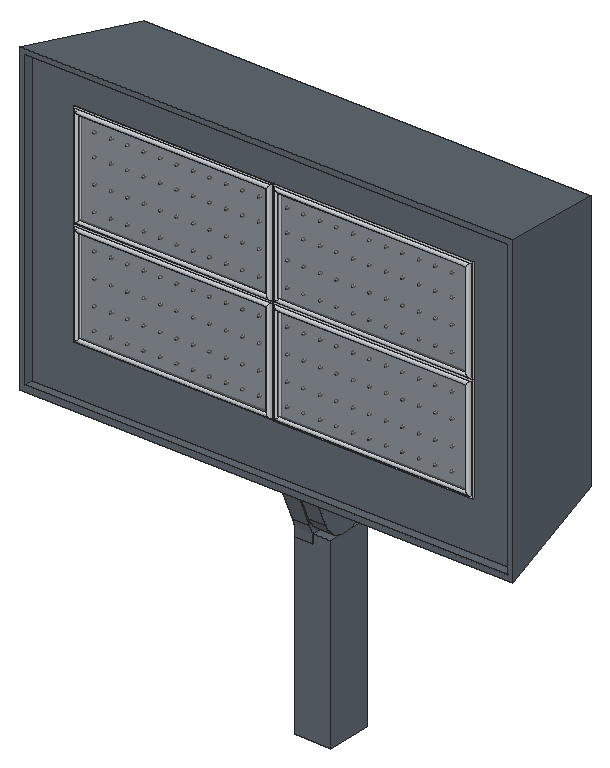
Revit family "RFL4", category Lighting Fixtures, host Face, Revit 2014 (continued)
Definition of nested family "RFL"
  Automatic sketch dimensions
    Revolve 41 sketch curve to Revolve 41 sketch curve = 0.35913"
    Revolve 41 sketch curve to Revolve 41 sketch curve = 0.26429"
    Revolve 42 sketch curve to plane 3 "Center (Left/Right)" = 1.31499"
    Revolve 42 sketch curve to Revolve 42 sketch curve = 0.03589"
    plane 1 "Center (Front/Back)" to Revolve 42 sketch curve = 1.56366"
    Revolve 42 sketch curve to Revolve 42 sketch curve = 0.04501"
    Revolve 42 sketch curve to Revolve 42 sketch curve = 0.000"
    Revolve 42 sketch curve to Revolve 42 sketch curve = 0.35913"
    Revolve 42 sketch curve to Revolve 42 sketch curve = 0.26429"
    Revolve 43 sketch curve to plane 3 "Center (Left/Right)" = 1.31499"
    Revolve 43 sketch curve to Revolve 43 sketch curve = 0.03589"
    plane 1 "Center (Front/Back)" to Revolve 43 sketch curve = 1.56366"
    Revolve 43 sketch curve to Revolve 43 sketch curve = 0.04501"
    Revolve 43 sketch curve to Revolve 43 sketch curve = 0.000"
    Revolve 43 sketch curve to Revolve 43 sketch curve = 0.35913"
    Revolve 43 sketch curve to Revolve 43 sketch curve = 0.26429"
    Revolve 44 sketch curve to plane 3 "Center (Left/Right)" = 1.31499"
    Revolve 44 sketch curve to Revolve 44 sketch curve = 0.03589"
    plane 1 "Center (Front/Back)" to Revolve 44 sketch curve = 1.56366"
    Revolve 44 sketch curve to Revolve 44 sketch curve = 0.04501"
    Revolve 44 sketch curve to Revolve 44 sketch curve = 0.000"
    Revolve 44 sketch curve to Revolve 44 sketch curve = 0.35913"
    Revolve 44 sketch curve to Revolve 44 sketch curve = 0.26429"
    Revolve 45 sketch curve to plane 3 "Center (Left/Right)" = 1.31499"
    Revolve 45 sketch curve to Revolve 45 sketch curve = 0.03589"
    plane 1 "Center (Front/Back)" to Revolve 45 sketch curve = 1.56366"
    Revolve 45 sketch curve to Revolve 45 sketch curve = 0.04501"
    Revolve 45 sketch curve to Revolve 45 sketch curve = 0.000"
    Revolve 45 sketch curve to Revolve 45 sketch curve = 0.35913"
    Revolve 45 sketch curve to Revolve 45 sketch curve = 0.26429"
    Revolve 46 sketch curve to plane 3 "Center (Left/Right)" = 0.85478"
    Revolve 46 sketch curve to Revolve 46 sketch curve = 0.03589"
    plane 1 "Center (Front/Back)" to Revolve 46 sketch curve = 1.56366"
    Revolve 46 sketch curve to Revolve 46 sketch curve = 0.04501"
    Revolve 46 sketch curve to Revolve 46 sketch curve = 0.000"
    Revolve 46 sketch curve to Revolve 46 sketch curve = 0.35913"
    Revolve 46 sketch curve to Revolve 46 sketch curve = 0.26429"
    Revolve 47 sketch curve to plane 3 "Center (Left/Right)" = 0.85478"
    Revolve 47 sketch curve to Revolve 47 sketch curve = 0.03589"
    plane 1 "Center (Front/Back)" to Revolve 47 sketch curve = 1.56366"
    Revolve 47 sketch curve to Revolve 47 sketch curve = 0.04501"
    Revolve 47 sketch curve to Revolve 47 sketch curve = 0.000"
    Revolve 47 sketch curve to Revolve 47 sketch curve = 0.35913"
    Revolve 47 sketch curve to Revolve 47 sketch curve = 0.26429"
    Revolve 48 sketch curve to plane 3 "Center (Left/Right)" = 0.85478"
    Revolve 48 sketch curve to Revolve 48 sketch curve = 0.03589"
    plane 1 "Center (Front/Back)" to Revolve 48 sketch curve = 1.56366"
    Revolve 48 sketch curve to Revolve 48 sketch curve = 0.04501"
    Revolve 48 sketch curve to Revolve 48 sketch curve = 0.000"
    Revolve 48 sketch curve to Revolve 48 sketch curve = 0.35913"
    Revolve 48 sketch curve to Revolve 48 sketch curve = 0.26429"
    Revolve 49 sketch curve to plane 3 "Center (Left/Right)" = 0.85478"
    Revolve 49 sketch curve to Revolve 49 sketch curve = 0.03589"
    plane 1 "Center (Front/Back)" to Revolve 49 sketch curve = 1.56366"
    Revolve 49 sketch curve to Revolve 49 sketch curve = 0.04501"
    Revolve 49 sketch curve to Revolve 49 sketch curve = 0.000"
    Revolve 49 sketch curve to Revolve 49 sketch curve = 0.35913"
    Revolve 49 sketch curve to Revolve 49 sketch curve = 0.26429"
    plane 4 to Extrusion 50 sketch curve = 1.48867"
    Extrusion 50 sketch curve to plane 3 "Center (Left/Right)" = 0.16904"
    plane 8 to Extrusion 50 sketch curve = 3.91889"
    plane 8 to Extrusion 50 sketch curve = 1.27963"
    Sweep 51 sketch curve to plane 4 = 1.32856"
    plane 3 "Center (Left/Right)" to Sweep 51 sketch curve = 0.00894"
    Sweep 51 sketch curve to plane 8 = 1.11953"
    Sweep 51 sketch curve to Sweep 51 sketch curve = 2.95947"
    Sweep 51 sketch curve to profile plane = 0.000"  (x2)
    Sweep 51 sketch curve to Sweep 51 sketch curve = 0.04662"
    Sweep 51 sketch curve to Sweep 51 sketch curve = 0.05647"
    Sweep 51 sketch curve to Sweep 51 sketch curve = 0.05701"
    profile plane to Sweep 51 sketch curve = 0.03881"
    Revolve 52 sketch curve to plane 4 = 1.90329"
    Revolve 52 sketch curve to Revolve 52 sketch curve = 0.03589"
    plane 1 "Center (Front/Back)" to Revolve 52 sketch curve = 1.48276"
    Revolve 52 sketch curve to Revolve 52 sketch curve = 0.04501"
    Revolve 52 sketch curve to Revolve 52 sketch curve = 0.000"
    Revolve 52 sketch curve to Revolve 52 sketch curve = 0.26429"
    Revolve 52 sketch curve to Revolve 52 sketch curve = 0.35913"
    Revolve 53 sketch curve to plane 4 = 1.90329"
    Revolve 53 sketch curve to Revolve 53 sketch curve = 0.03589"
    plane 1 "Center (Front/Back)" to Revolve 53 sketch curve = 1.48276"
    Revolve 53 sketch curve to Revolve 53 sketch curve = 0.04501"
    Revolve 53 sketch curve to Revolve 53 sketch curve = 0.000"
    Revolve 53 sketch curve to Revolve 53 sketch curve = 0.26429"
    Revolve 53 sketch curve to Revolve 53 sketch curve = 0.35913"
    Revolve 54 sketch curve to plane 4 = 1.90329"
    Revolve 54 sketch curve to Revolve 54 sketch curve = 0.03589"
    plane 1 "Center (Front/Back)" to Revolve 54 sketch curve = 1.48276"
    Revolve 54 sketch curve to Revolve 54 sketch curve = 0.04501"
    Revolve 54 sketch curve to Revolve 54 sketch curve = 0.000"
    Revolve 54 sketch curve to Revolve 54 sketch curve = 0.26429"
    Revolve 54 sketch curve to Revolve 54 sketch curve = 0.35913"
    Revolve 55 sketch curve to plane 4 = 1.90329"
    Revolve 55 sketch curve to Revolve 55 sketch curve = 0.03589"
    plane 1 "Center (Front/Back)" to Revolve 55 sketch curve = 1.48276"
    Revolve 55 sketch curve to Revolve 55 sketch curve = 0.04501"
    Revolve 55 sketch curve to Revolve 55 sketch curve = 0.000"
    Revolve 55 sketch curve to Revolve 55 sketch curve = 0.26429"
    Revolve 55 sketch curve to Revolve 55 sketch curve = 0.35913"
    plane 3 "Center (Left/Right)" to Revolve 56 sketch curve = 0.39456"
    Revolve 56 sketch curve to Revolve 56 sketch curve = 0.03589"
    plane 1 "Center (Front/Back)" to Revolve 56 sketch curve = 1.48276"
    Revolve 56 sketch curve to Revolve 56 sketch curve = 0.04501"
    Revolve 56 sketch curve to Revolve 56 sketch curve = 0.000"
    Revolve 56 sketch curve to Revolve 56 sketch curve = 0.26429"
    Revolve 56 sketch curve to Revolve 56 sketch curve = 0.35913"
    plane 3 "Center (Left/Right)" to Revolve 57 sketch curve = 0.39456"
    Revolve 57 sketch curve to Revolve 57 sketch curve = 0.03589"
    plane 1 "Center (Front/Back)" to Revolve 57 sketch curve = 1.48276"
    Revolve 57 sketch curve to Revolve 57 sketch curve = 0.04501"
    Revolve 57 sketch curve to Revolve 57 sketch curve = 0.000"
    Revolve 57 sketch curve to Revolve 57 sketch curve = 0.26429"
    Revolve 57 sketch curve to Revolve 57 sketch curve = 0.35913"
    plane 3 "Center (Left/Right)" to Revolve 58 sketch curve = 0.39456"
    Revolve 58 sketch curve to Revolve 58 sketch curve = 0.03589"
    plane 1 "Center (Front/Back)" to Revolve 58 sketch curve = 1.48276"
    Revolve 58 sketch curve to Revolve 58 sketch curve = 0.04501"
    Revolve 58 sketch curve to Revolve 58 sketch curve = 0.000"
    Revolve 58 sketch curve to Revolve 58 sketch curve = 0.26429"
    Revolve 58 sketch curve to Revolve 58 sketch curve = 0.35913"
    plane 3 "Center (Left/Right)" to Revolve 59 sketch curve = 0.39456"
    Revolve 59 sketch curve to Revolve 59 sketch curve = 0.03589"
    plane 1 "Center (Front/Back)" to Revolve 59 sketch curve = 1.48276"
    Revolve 59 sketch curve to Revolve 59 sketch curve = 0.04501"
    Revolve 59 sketch curve to Revolve 59 sketch curve = 0.000"
    Revolve 59 sketch curve to Revolve 59 sketch curve = 0.26429"
    Revolve 59 sketch curve to Revolve 59 sketch curve = 0.35913"
    Revolve 60 sketch curve to plane 4 = 2.3635"
    Revolve 60 sketch curve to Revolve 60 sketch curve = 0.03589"
    plane 1 "Center (Front/Back)" to Revolve 60 sketch curve = 1.48276"
    Revolve 60 sketch curve to Revolve 60 sketch curve = 0.04501"
    Revolve 60 sketch curve to Revolve 60 sketch curve = 0.000"
    Revolve 60 sketch curve to Revolve 60 sketch curve = 0.26429"
    Revolve 60 sketch curve to Revolve 60 sketch curve = 0.35913"
    Revolve 61 sketch curve to plane 4 = 2.3635"
    Revolve 61 sketch curve to Revolve 61 sketch curve = 0.03589"
    plane 1 "Center (Front/Back)" to Revolve 61 sketch curve = 1.48276"
    Revolve 61 sketch curve to Revolve 61 sketch curve = 0.04501"
    Revolve 61 sketch curve to Revolve 61 sketch curve = 0.000"
    Revolve 61 sketch curve to Revolve 61 sketch curve = 0.26429"
    Revolve 61 sketch curve to Revolve 61 sketch curve = 0.35913"
    Revolve 62 sketch curve to plane 4 = 2.3635"
    Revolve 62 sketch curve to Revolve 62 sketch curve = 0.03589"
    plane 1 "Center (Front/Back)" to Revolve 62 sketch curve = 1.48276"
    Revolve 62 sketch curve to Revolve 62 sketch curve = 0.04501"
    Revolve 62 sketch curve to Revolve 62 sketch curve = 0.000"
    Revolve 62 sketch curve to Revolve 62 sketch curve = 0.26429"
    Revolve 62 sketch curve to Revolve 62 sketch curve = 0.35913"
    Revolve 63 sketch curve to plane 4 = 2.3635"
    Revolve 63 sketch curve to Revolve 63 sketch curve = 0.03589"
    plane 1 "Center (Front/Back)" to Revolve 63 sketch curve = 1.48276"
    Revolve 63 sketch curve to Revolve 63 sketch curve = 0.04501"
    Revolve 63 sketch curve to Revolve 63 sketch curve = 0.000"
    Revolve 63 sketch curve to Revolve 63 sketch curve = 0.26429"
    Revolve 63 sketch curve to Revolve 63 sketch curve = 0.35913"
    Revolve 64 sketch curve to plane 4 = 2.82372"
    Revolve 64 sketch curve to Revolve 64 sketch curve = 0.03589"
    plane 1 "Center (Front/Back)" to Revolve 64 sketch curve = 1.48276"
    Revolve 64 sketch curve to Revolve 64 sketch curve = 0.04501"
    Revolve 64 sketch curve to Revolve 64 sketch curve = 0.000"
    Revolve 64 sketch curve to Revolve 64 sketch curve = 0.26429"
    Revolve 64 sketch curve to Revolve 64 sketch curve = 0.35913"
    Revolve 65 sketch curve to plane 4 = 2.82372"
    Revolve 65 sketch curve to Revolve 65 sketch curve = 0.03589"
    plane 1 "Center (Front/Back)" to Revolve 65 sketch curve = 1.48276"
    Revolve 65 sketch curve to Revolve 65 sketch curve = 0.04501"
    Revolve 65 sketch curve to Revolve 65 sketch curve = 0.000"
    Revolve 65 sketch curve to Revolve 65 sketch curve = 0.26429"
    Revolve 65 sketch curve to Revolve 65 sketch curve = 0.35913"
    Revolve 66 sketch curve to plane 4 = 2.82372"
    Revolve 66 sketch curve to Revolve 66 sketch curve = 0.03589"
    plane 1 "Center (Front/Back)" to Revolve 66 sketch curve = 1.48276"
    Revolve 66 sketch curve to Revolve 66 sketch curve = 0.04501"
    Revolve 66 sketch curve to Revolve 66 sketch curve = 0.000"
    Revolve 66 sketch curve to Revolve 66 sketch curve = 0.26429"
    Revolve 66 sketch curve to Revolve 66 sketch curve = 0.35913"
    Revolve 67 sketch curve to plane 4 = 2.82372"
    Revolve 67 sketch curve to Revolve 67 sketch curve = 0.03589"
    plane 1 "Center (Front/Back)" to Revolve 67 sketch curve = 1.48276"
    Revolve 67 sketch curve to Revolve 67 sketch curve = 0.04501"
    Revolve 67 sketch curve to Revolve 67 sketch curve = 0.000"
    Revolve 67 sketch curve to Revolve 67 sketch curve = 0.26429"
    Revolve 67 sketch curve to Revolve 67 sketch curve = 0.35913"
    plane 1 "Center (Front/Back)" to Revolve 68 sketch curve = 1.48276"
    Revolve 68 sketch curve to plane 4 = 3.28393"
    Revolve 68 sketch curve to Revolve 68 sketch curve = 0.03589"
    Revolve 68 sketch curve to Revolve 68 sketch curve = 0.04501"
    Revolve 68 sketch curve to Revolve 68 sketch curve = 0.000"
    Revolve 68 sketch curve to Revolve 68 sketch curve = 0.26429"
    Revolve 68 sketch curve to Revolve 68 sketch curve = 0.35913"
    plane 1 "Center (Front/Back)" to Revolve 69 sketch curve = 1.48276"
    Revolve 69 sketch curve to plane 4 = 3.28393"
    Revolve 69 sketch curve to Revolve 69 sketch curve = 0.03589"
    Revolve 69 sketch curve to Revolve 69 sketch curve = 0.04501"
    Revolve 69 sketch curve to Revolve 69 sketch curve = 0.000"
    Revolve 69 sketch curve to Revolve 69 sketch curve = 0.26429"
    Revolve 69 sketch curve to Revolve 69 sketch curve = 0.35913"
    plane 1 "Center (Front/Back)" to Revolve 70 sketch curve = 1.48276"
    Revolve 70 sketch curve to plane 4 = 3.28393"
    Revolve 70 sketch curve to Revolve 70 sketch curve = 0.03589"
    Revolve 70 sketch curve to Revolve 70 sketch curve = 0.04501"
    Revolve 70 sketch curve to Revolve 70 sketch curve = 0.000"
    Revolve 70 sketch curve to Revolve 70 sketch curve = 0.26429"
    Revolve 70 sketch curve to Revolve 70 sketch curve = 0.35913"
    plane 1 "Center (Front/Back)" to Revolve 71 sketch curve = 1.48276"
    Revolve 71 sketch curve to plane 4 = 3.28393"
    Revolve 71 sketch curve to Revolve 71 sketch curve = 0.03589"
    Revolve 71 sketch curve to Revolve 71 sketch curve = 0.04501"
    Revolve 71 sketch curve to Revolve 71 sketch curve = 0.000"
    Revolve 71 sketch curve to Revolve 71 sketch curve = 0.26429"
    Revolve 71 sketch curve to Revolve 71 sketch curve = 0.35913"
    plane 1 "Center (Front/Back)" to Revolve 72 sketch curve = 1.48276"
    plane 3 "Center (Left/Right)" to Revolve 72 sketch curve = 3.15585"
    Revolve 72 sketch curve to Revolve 72 sketch curve = 0.03589"
    Revolve 72 sketch curve to Revolve 72 sketch curve = 0.04501"
    Revolve 72 sketch curve to Revolve 72 sketch curve = 0.000"
    Revolve 72 sketch curve to Revolve 72 sketch curve = 0.26429"
    Revolve 72 sketch curve to Revolve 72 sketch curve = 0.35913"
    plane 1 "Center (Front/Back)" to Revolve 73 sketch curve = 1.48276"
    plane 3 "Center (Left/Right)" to Revolve 73 sketch curve = 3.15585"
    Revolve 73 sketch curve to Revolve 73 sketch curve = 0.03589"
    Revolve 73 sketch curve to Revolve 73 sketch curve = 0.04501"
    Revolve 73 sketch curve to Revolve 73 sketch curve = 0.000"
    Revolve 73 sketch curve to Revolve 73 sketch curve = 0.26429"
    Revolve 73 sketch curve to Revolve 73 sketch curve = 0.35913"
    plane 1 "Center (Front/Back)" to Revolve 74 sketch curve = 1.48276"
    plane 3 "Center (Left/Right)" to Revolve 74 sketch curve = 3.15585"
    Revolve 74 sketch curve to Revolve 74 sketch curve = 0.03589"
    Revolve 74 sketch curve to Revolve 74 sketch curve = 0.04501"
    Revolve 74 sketch curve to Revolve 74 sketch curve = 0.000"
    Revolve 74 sketch curve to Revolve 74 sketch curve = 0.26429"
    Revolve 74 sketch curve to Revolve 74 sketch curve = 0.35913"
    plane 1 "Center (Front/Back)" to Revolve 75 sketch curve = 1.48276"
    plane 3 "Center (Left/Right)" to Revolve 75 sketch curve = 3.15585"
    Revolve 75 sketch curve to Revolve 75 sketch curve = 0.03589"
    Revolve 75 sketch curve to Revolve 75 sketch curve = 0.04501"
    Revolve 75 sketch curve to Revolve 75 sketch curve = 0.000"
    Revolve 75 sketch curve to Revolve 75 sketch curve = 0.26429"
    Revolve 75 sketch curve to Revolve 75 sketch curve = 0.35913"
    plane 3 "Center (Left/Right)" to Revolve 76 sketch curve = 2.69564"
    Revolve 76 sketch curve to Revolve 76 sketch curve = 0.03589"
    plane 1 "Center (Front/Back)" to Revolve 76 sketch curve = 1.48276"
    Revolve 76 sketch curve to Revolve 76 sketch curve = 0.04501"
    Revolve 76 sketch curve to Revolve 76 sketch curve = 0.000"
    Revolve 76 sketch curve to Revolve 76 sketch curve = 0.26429"
    Revolve 76 sketch curve to Revolve 76 sketch curve = 0.35913"
    plane 3 "Center (Left/Right)" to Revolve 77 sketch curve = 2.69564"
    Revolve 77 sketch curve to Revolve 77 sketch curve = 0.03589"
    plane 1 "Center (Front/Back)" to Revolve 77 sketch curve = 1.48276"
    Revolve 77 sketch curve to Revolve 77 sketch curve = 0.04501"
    Revolve 77 sketch curve to Revolve 77 sketch curve = 0.000"
    Revolve 77 sketch curve to Revolve 77 sketch curve = 0.26429"
    Revolve 77 sketch curve to Revolve 77 sketch curve = 0.35913"
    plane 3 "Center (Left/Right)" to Revolve 78 sketch curve = 2.69564"
    Revolve 78 sketch curve to Revolve 78 sketch curve = 0.03589"
    plane 1 "Center (Front/Back)" to Revolve 78 sketch curve = 1.48276"
    Revolve 78 sketch curve to Revolve 78 sketch curve = 0.04501"
    Revolve 78 sketch curve to Revolve 78 sketch curve = 0.000"
    Revolve 78 sketch curve to Revolve 78 sketch curve = 0.26429"
    Revolve 78 sketch curve to Revolve 78 sketch curve = 0.35913"
    plane 3 "Center (Left/Right)" to Revolve 79 sketch curve = 2.69564"
    Revolve 79 sketch curve to Revolve 79 sketch curve = 0.03589"
    plane 1 "Center (Front/Back)" to Revolve 79 sketch curve = 1.48276"
    Revolve 79 sketch curve to Revolve 79 sketch curve = 0.04501"
    Revolve 79 sketch curve to Revolve 79 sketch curve = 0.000"
    Revolve 79 sketch curve to Revolve 79 sketch curve = 0.26429"
    Revolve 79 sketch curve to Revolve 79 sketch curve = 0.35913"
    plane 3 "Center (Left/Right)" to Revolve 80 sketch curve = 2.23542"
    Revolve 80 sketch curve to Revolve 80 sketch curve = 0.03589"
    plane 1 "Center (Front/Back)" to Revolve 80 sketch curve = 1.48276"
    Revolve 80 sketch curve to Revolve 80 sketch curve = 0.04501"
    Revolve 80 sketch curve to Revolve 80 sketch curve = 0.000"
    Revolve 80 sketch curve to Revolve 80 sketch curve = 0.26429"
    Revolve 80 sketch curve to Revolve 80 sketch curve = 0.35913"
    plane 3 "Center (Left/Right)" to Revolve 81 sketch curve = 2.23542"
    Revolve 81 sketch curve to Revolve 81 sketch curve = 0.03589"
    plane 1 "Center (Front/Back)" to Revolve 81 sketch curve = 1.48276"
    Revolve 81 sketch curve to Revolve 81 sketch curve = 0.04501"
    Revolve 81 sketch curve to Revolve 81 sketch curve = 0.000"
    Revolve 81 sketch curve to Revolve 81 sketch curve = 0.26429"
    Revolve 81 sketch curve to Revolve 81 sketch curve = 0.35913"
    plane 3 "Center (Left/Right)" to Revolve 82 sketch curve = 2.23542"
    Revolve 82 sketch curve to Revolve 82 sketch curve = 0.03589"
    plane 1 "Center (Front/Back)" to Revolve 82 sketch curve = 1.48276"
    Revolve 82 sketch curve to Revolve 82 sketch curve = 0.04501"
    Revolve 82 sketch curve to Revolve 82 sketch curve = 0.000"
    Revolve 82 sketch curve to Revolve 82 sketch curve = 0.26429"
    Revolve 82 sketch curve to Revolve 82 sketch curve = 0.35913"
    plane 3 "Center (Left/Right)" to Revolve 83 sketch curve = 2.23542"
    Revolve 83 sketch curve to Revolve 83 sketch curve = 0.03589"
    plane 1 "Center (Front/Back)" to Revolve 83 sketch curve = 1.48276"
    Revolve 83 sketch curve to Revolve 83 sketch curve = 0.04501"
    Revolve 83 sketch curve to Revolve 83 sketch curve = 0.000"
    Revolve 83 sketch curve to Revolve 83 sketch curve = 0.26429"
    Revolve 83 sketch curve to Revolve 83 sketch curve = 0.35913"
    plane 3 "Center (Left/Right)" to Revolve 84 sketch curve = 1.77521"
    Revolve 84 sketch curve to Revolve 84 sketch curve = 0.03589"
    plane 1 "Center (Front/Back)" to Revolve 84 sketch curve = 1.48276"
    Revolve 84 sketch curve to Revolve 84 sketch curve = 0.04501"
    Revolve 84 sketch curve to Revolve 84 sketch curve = 0.000"
    Revolve 84 sketch curve to Revolve 84 sketch curve = 0.26429"
    Revolve 84 sketch curve to Revolve 84 sketch curve = 0.35913"
    plane 3 "Center (Left/Right)" to Revolve 85 sketch curve = 1.77521"
    Revolve 85 sketch curve to Revolve 85 sketch curve = 0.03589"
    plane 1 "Center (Front/Back)" to Revolve 85 sketch curve = 1.48276"
    Revolve 85 sketch curve to Revolve 85 sketch curve = 0.04501"
    Revolve 85 sketch curve to Revolve 85 sketch curve = 0.000"
    Revolve 85 sketch curve to Revolve 85 sketch curve = 0.26429"
    Revolve 85 sketch curve to Revolve 85 sketch curve = 0.35913"
    plane 3 "Center (Left/Right)" to Revolve 86 sketch curve = 1.77521"
    Revolve 86 sketch curve to Revolve 86 sketch curve = 0.03589"
    plane 1 "Center (Front/Back)" to Revolve 86 sketch curve = 1.48276"
    Revolve 86 sketch curve to Revolve 86 sketch curve = 0.04501"
    Revolve 86 sketch curve to Revolve 86 sketch curve = 0.000"
    Revolve 86 sketch curve to Revolve 86 sketch curve = 0.26429"
    Revolve 86 sketch curve to Revolve 86 sketch curve = 0.35913"
    plane 3 "Center (Left/Right)" to Revolve 87 sketch curve = 1.77521"
    Revolve 87 sketch curve to Revolve 87 sketch curve = 0.03589"
    plane 1 "Center (Front/Back)" to Revolve 87 sketch curve = 1.48276"
    Revolve 87 sketch curve to Revolve 87 sketch curve = 0.04501"
    Revolve 87 sketch curve to Revolve 87 sketch curve = 0.000"
    Revolve 87 sketch curve to Revolve 87 sketch curve = 0.26429"
    Revolve 87 sketch curve to Revolve 87 sketch curve = 0.35913"
    plane 3 "Center (Left/Right)" to Revolve 88 sketch curve = 1.31499"
    Revolve 88 sketch curve to Revolve 88 sketch curve = 0.03589"
    plane 1 "Center (Front/Back)" to Revolve 88 sketch curve = 1.48276"
    Revolve 88 sketch curve to Revolve 88 sketch curve = 0.04501"
    Revolve 88 sketch curve to Revolve 88 sketch curve = 0.000"
    Revolve 88 sketch curve to Revolve 88 sketch curve = 0.26429"
    Revolve 88 sketch curve to Revolve 88 sketch curve = 0.35913"
    plane 3 "Center (Left/Right)" to Revolve 89 sketch curve = 1.31499"
    Revolve 89 sketch curve to Revolve 89 sketch curve = 0.03589"
    plane 1 "Center (Front/Back)" to Revolve 89 sketch curve = 1.48276"
    Revolve 89 sketch curve to Revolve 89 sketch curve = 0.04501"
    Revolve 89 sketch curve to Revolve 89 sketch curve = 0.000"
    Revolve 89 sketch curve to Revolve 89 sketch curve = 0.26429"
    Revolve 89 sketch curve to Revolve 89 sketch curve = 0.35913"
    plane 3 "Center (Left/Right)" to Revolve 90 sketch curve = 1.31499"
    Revolve 90 sketch curve to Revolve 90 sketch curve = 0.03589"
    plane 1 "Center (Front/Back)" to Revolve 90 sketch curve = 1.48276"
    Revolve 90 sketch curve to Revolve 90 sketch curve = 0.04501"
    Revolve 90 sketch curve to Revolve 90 sketch curve = 0.000"
    Revolve 90 sketch curve to Revolve 90 sketch curve = 0.26429"
    Revolve 90 sketch curve to Revolve 90 sketch curve = 0.35913"
    plane 3 "Center (Left/Right)" to Revolve 91 sketch curve = 1.31499"
    Revolve 91 sketch curve to Revolve 91 sketch curve = 0.03589"
    plane 1 "Center (Front/Back)" to Revolve 91 sketch curve = 1.48276"
    Revolve 91 sketch curve to Revolve 91 sketch curve = 0.04501"
    Revolve 91 sketch curve to Revolve 91 sketch curve = 0.000"
    Revolve 91 sketch curve to Revolve 91 sketch curve = 0.26429"
    Revolve 91 sketch curve to Revolve 91 sketch curve = 0.35913"
    plane 3 "Center (Left/Right)" to Revolve 92 sketch curve = 0.85478"
    Revolve 92 sketch curve to Revolve 92 sketch curve = 0.03589"
    plane 1 "Center (Front/Back)" to Revolve 92 sketch curve = 1.48276"
    Revolve 92 sketch curve to Revolve 92 sketch curve = 0.04501"
    Revolve 92 sketch curve to Revolve 92 sketch curve = 0.000"
    Revolve 92 sketch curve to Revolve 92 sketch curve = 0.26429"
    Revolve 92 sketch curve to Revolve 92 sketch curve = 0.35913"
    plane 3 "Center (Left/Right)" to Revolve 93 sketch curve = 0.85478"
    Revolve 93 sketch curve to Revolve 93 sketch curve = 0.03589"
    plane 1 "Center (Front/Back)" to Revolve 93 sketch curve = 1.48276"
    Revolve 93 sketch curve to Revolve 93 sketch curve = 0.04501"
    Revolve 93 sketch curve to Revolve 93 sketch curve = 0.000"
    Revolve 93 sketch curve to Revolve 93 sketch curve = 0.26429"
    Revolve 93 sketch curve to Revolve 93 sketch curve = 0.35913"
    plane 3 "Center (Left/Right)" to Revolve 94 sketch curve = 0.85478"
    Revolve 94 sketch curve to Revolve 94 sketch curve = 0.03589"
    plane 1 "Center (Front/Back)" to Revolve 94 sketch curve = 1.48276"
    Revolve 94 sketch curve to Revolve 94 sketch curve = 0.04501"
    Revolve 94 sketch curve to Revolve 94 sketch curve = 0.000"
    Revolve 94 sketch curve to Revolve 94 sketch curve = 0.26429"
    Revolve 94 sketch curve to Revolve 94 sketch curve = 0.35913"
    plane 3 "Center (Left/Right)" to Revolve 95 sketch curve = 0.85478"
    Revolve 95 sketch curve to Revolve 95 sketch curve = 0.03589"
    plane 1 "Center (Front/Back)" to Revolve 95 sketch curve = 1.48276"
    Revolve 95 sketch curve to Revolve 95 sketch curve = 0.04501"
    Revolve 95 sketch curve to Revolve 95 sketch curve = 0.000"
    Revolve 95 sketch curve to Revolve 95 sketch curve = 0.26429"
    Revolve 95 sketch curve to Revolve 95 sketch curve = 0.35913"
    Extrusion 96 sketch curve to plane 5 = 1.48867"
    plane 3 "Center (Left/Right)" to Extrusion 96 sketch curve = 0.16904"
    plane 8 to Extrusion 96 sketch curve = 4.2391"
    Extrusion 96 sketch curve to level = 1.72165"
    plane 5 to Sweep 97 sketch curve = 1.32856"
    Sweep 97 sketch curve to plane 3 "Center (Left/Right)" = 0.00894"
    level to Sweep 97 sketch curve = 1.56154"
    Sweep 97 sketch curve to Sweep 97 sketch curve = 2.95947"
    profile plane to Sweep 97 sketch curve = 0.000"
    Sweep 97 sketch curve to profile plane = 0.000"
    Sweep 97 sketch curve to Sweep 97 sketch curve = 0.04662"
    Sweep 97 sketch curve to Sweep 97 sketch curve = 0.05647"
    Sweep 97 sketch curve to Sweep 97 sketch curve = 0.05701"
    profile plane to Sweep 97 sketch curve = 0.03881"
    plane 1 "Center (Front/Back)" to Revolve 98 sketch curve = 1.48276"
    Revolve 98 sketch curve to Revolve 98 sketch curve = 0.04501"
    Revolve 98 sketch curve to Revolve 98 sketch curve = 0.03589"
    plane 5 to Revolve 98 sketch curve = 1.90329"
    Revolve 98 sketch curve to Revolve 98 sketch curve = 0.26429"
    Revolve 98 sketch curve to Revolve 98 sketch curve = 0.35913"
    Revolve 98 sketch curve to Revolve 98 sketch curve = 0.000"
    plane 1 "Center (Front/Back)" to Revolve 99 sketch curve = 1.48276"
    Revolve 99 sketch curve to Revolve 99 sketch curve = 0.04501"
    Revolve 99 sketch curve to Revolve 99 sketch curve = 0.03589"
    plane 5 to Revolve 99 sketch curve = 1.90329"
    Revolve 99 sketch curve to Revolve 99 sketch curve = 0.26429"
    Revolve 99 sketch curve to Revolve 99 sketch curve = 0.35913"
    Revolve 99 sketch curve to Revolve 99 sketch curve = 0.000"
    plane 1 "Center (Front/Back)" to Revolve 100 sketch curve = 1.48276"
    Revolve 100 sketch curve to Revolve 100 sketch curve = 0.04501"
    Revolve 100 sketch curve to Revolve 100 sketch curve = 0.03589"
    plane 5 to Revolve 100 sketch curve = 1.90329"
    Revolve 100 sketch curve to Revolve 100 sketch curve = 0.26429"
    Revolve 100 sketch curve to Revolve 100 sketch curve = 0.35913"
    Revolve 100 sketch curve to Revolve 100 sketch curve = 0.000"
    plane 1 "Center (Front/Back)" to Revolve 101 sketch curve = 1.48276"
    Revolve 101 sketch curve to Revolve 101 sketch curve = 0.04501"
    Revolve 101 sketch curve to Revolve 101 sketch curve = 0.03589"
    plane 5 to Revolve 101 sketch curve = 1.90329"
    Revolve 101 sketch curve to Revolve 101 sketch curve = 0.26429"
    Revolve 101 sketch curve to Revolve 101 sketch curve = 0.35913"
    Revolve 101 sketch curve to Revolve 101 sketch curve = 0.000"
    Revolve 102 sketch curve to plane 3 "Center (Left/Right)" = 0.39456"
    plane 1 "Center (Front/Back)" to Revolve 102 sketch curve = 1.48276"
    Revolve 102 sketch curve to Revolve 102 sketch curve = 0.04501"
    Revolve 102 sketch curve to Revolve 102 sketch curve = 0.03589"
    Revolve 102 sketch curve to Revolve 102 sketch curve = 0.26429"
    Revolve 102 sketch curve to Revolve 102 sketch curve = 0.35913"
    Revolve 102 sketch curve to Revolve 102 sketch curve = 0.000"
    Revolve 103 sketch curve to plane 3 "Center (Left/Right)" = 0.39456"
    plane 1 "Center (Front/Back)" to Revolve 103 sketch curve = 1.48276"
    Revolve 103 sketch curve to Revolve 103 sketch curve = 0.04501"
    Revolve 103 sketch curve to Revolve 103 sketch curve = 0.03589"
    Revolve 103 sketch curve to Revolve 103 sketch curve = 0.26429"
    Revolve 103 sketch curve to Revolve 103 sketch curve = 0.35913"
    Revolve 103 sketch curve to Revolve 103 sketch curve = 0.000"
    Revolve 104 sketch curve to plane 3 "Center (Left/Right)" = 0.39456"
    plane 1 "Center (Front/Back)" to Revolve 104 sketch curve = 1.48276"
    Revolve 104 sketch curve to Revolve 104 sketch curve = 0.04501"
    Revolve 104 sketch curve to Revolve 104 sketch curve = 0.03589"
    Revolve 104 sketch curve to Revolve 104 sketch curve = 0.26429"
    Revolve 104 sketch curve to Revolve 104 sketch curve = 0.35913"
    Revolve 104 sketch curve to Revolve 104 sketch curve = 0.000"
    Revolve 105 sketch curve to plane 3 "Center (Left/Right)" = 0.39456"
    plane 1 "Center (Front/Back)" to Revolve 105 sketch curve = 1.48276"
    Revolve 105 sketch curve to Revolve 105 sketch curve = 0.04501"
    Revolve 105 sketch curve to Revolve 105 sketch curve = 0.03589"
    Revolve 105 sketch curve to Revolve 105 sketch curve = 0.26429"
    Revolve 105 sketch curve to Revolve 105 sketch curve = 0.35913"
    Revolve 105 sketch curve to Revolve 105 sketch curve = 0.000"
    plane 1 "Center (Front/Back)" to Revolve 106 sketch curve = 1.48276"
    Revolve 106 sketch curve to Revolve 106 sketch curve = 0.04501"
    Revolve 106 sketch curve to Revolve 106 sketch curve = 0.03589"
    plane 5 to Revolve 106 sketch curve = 2.3635"
    Revolve 106 sketch curve to Revolve 106 sketch curve = 0.26429"
    Revolve 106 sketch curve to Revolve 106 sketch curve = 0.35913"
    Revolve 106 sketch curve to Revolve 106 sketch curve = 0.000"
    plane 1 "Center (Front/Back)" to Revolve 107 sketch curve = 1.48276"
    Revolve 107 sketch curve to Revolve 107 sketch curve = 0.04501"
    Revolve 107 sketch curve to Revolve 107 sketch curve = 0.03589"
    plane 5 to Revolve 107 sketch curve = 2.3635"
    Revolve 107 sketch curve to Revolve 107 sketch curve = 0.26429"
    Revolve 107 sketch curve to Revolve 107 sketch curve = 0.35913"
    Revolve 107 sketch curve to Revolve 107 sketch curve = 0.000"
    plane 1 "Center (Front/Back)" to Revolve 108 sketch curve = 1.48276"
    Revolve 108 sketch curve to Revolve 108 sketch curve = 0.04501"
    Revolve 108 sketch curve to Revolve 108 sketch curve = 0.03589"
    plane 5 to Revolve 108 sketch curve = 2.3635"
    Revolve 108 sketch curve to Revolve 108 sketch curve = 0.26429"
    Revolve 108 sketch curve to Revolve 108 sketch curve = 0.35913"
    Revolve 108 sketch curve to Revolve 108 sketch curve = 0.000"
    plane 1 "Center (Front/Back)" to Revolve 109 sketch curve = 1.48276"
    Revolve 109 sketch curve to Revolve 109 sketch curve = 0.04501"
    Revolve 109 sketch curve to Revolve 109 sketch curve = 0.03589"
    plane 5 to Revolve 109 sketch curve = 2.3635"
    Revolve 109 sketch curve to Revolve 109 sketch curve = 0.26429"
    Revolve 109 sketch curve to Revolve 109 sketch curve = 0.35913"
    Revolve 109 sketch curve to Revolve 109 sketch curve = 0.000"
    plane 1 "Center (Front/Back)" to Revolve 110 sketch curve = 1.48276"
    Revolve 110 sketch curve to Revolve 110 sketch curve = 0.04501"
    Revolve 110 sketch curve to Revolve 110 sketch curve = 0.03589"
    plane 5 to Revolve 110 sketch curve = 2.82372"
    Revolve 110 sketch curve to Revolve 110 sketch curve = 0.26429"
    Revolve 110 sketch curve to Revolve 110 sketch curve = 0.35913"
    Revolve 110 sketch curve to Revolve 110 sketch curve = 0.000"
    plane 1 "Center (Front/Back)" to Revolve 111 sketch curve = 1.48276"
    Revolve 111 sketch curve to Revolve 111 sketch curve = 0.04501"
    Revolve 111 sketch curve to Revolve 111 sketch curve = 0.03589"
    plane 5 to Revolve 111 sketch curve = 2.82372"
    Revolve 111 sketch curve to Revolve 111 sketch curve = 0.26429"
    Revolve 111 sketch curve to Revolve 111 sketch curve = 0.35913"
    Revolve 111 sketch curve to Revolve 111 sketch curve = 0.000"
    plane 1 "Center (Front/Back)" to Revolve 112 sketch curve = 1.48276"
    Revolve 112 sketch curve to Revolve 112 sketch curve = 0.04501"
    Revolve 112 sketch curve to Revolve 112 sketch curve = 0.03589"
    plane 5 to Revolve 112 sketch curve = 2.82372"
    Revolve 112 sketch curve to Revolve 112 sketch curve = 0.26429"
    Revolve 112 sketch curve to Revolve 112 sketch curve = 0.35913"
    Revolve 112 sketch curve to Revolve 112 sketch curve = 0.000"
    plane 1 "Center (Front/Back)" to Revolve 113 sketch curve = 1.48276"
    Revolve 113 sketch curve to Revolve 113 sketch curve = 0.04501"
    Revolve 113 sketch curve to Revolve 113 sketch curve = 0.03589"
    plane 5 to Revolve 113 sketch curve = 2.82372"
    Revolve 113 sketch curve to Revolve 113 sketch curve = 0.26429"
    Revolve 113 sketch curve to Revolve 113 sketch curve = 0.35913"
    Revolve 113 sketch curve to Revolve 113 sketch curve = 0.000"
    plane 1 "Center (Front/Back)" to Revolve 114 sketch curve = 1.48276"
    Revolve 114 sketch curve to Revolve 114 sketch curve = 0.04501"
    Revolve 114 sketch curve to Revolve 114 sketch curve = 0.03589"
    plane 5 to Revolve 114 sketch curve = 3.28393"
    Revolve 114 sketch curve to Revolve 114 sketch curve = 0.26429"
    Revolve 114 sketch curve to Revolve 114 sketch curve = 0.35913"
    Revolve 114 sketch curve to Revolve 114 sketch curve = 0.000"
    plane 1 "Center (Front/Back)" to Revolve 115 sketch curve = 1.48276"
    Revolve 115 sketch curve to Revolve 115 sketch curve = 0.04501"
    Revolve 115 sketch curve to Revolve 115 sketch curve = 0.03589"
    plane 5 to Revolve 115 sketch curve = 3.28393"
    Revolve 115 sketch curve to Revolve 115 sketch curve = 0.26429"
    Revolve 115 sketch curve to Revolve 115 sketch curve = 0.35913"
    Revolve 115 sketch curve to Revolve 115 sketch curve = 0.000"
    plane 1 "Center (Front/Back)" to Revolve 116 sketch curve = 1.48276"
    Revolve 116 sketch curve to Revolve 116 sketch curve = 0.04501"
    Revolve 116 sketch curve to Revolve 116 sketch curve = 0.03589"
    plane 5 to Revolve 116 sketch curve = 3.28393"
    Revolve 116 sketch curve to Revolve 116 sketch curve = 0.26429"
    Revolve 116 sketch curve to Revolve 116 sketch curve = 0.35913"
    Revolve 116 sketch curve to Revolve 116 sketch curve = 0.000"
    plane 1 "Center (Front/Back)" to Revolve 117 sketch curve = 1.48276"
    Revolve 117 sketch curve to Revolve 117 sketch curve = 0.04501"
    Revolve 117 sketch curve to Revolve 117 sketch curve = 0.03589"
    plane 5 to Revolve 117 sketch curve = 3.28393"
    Revolve 117 sketch curve to Revolve 117 sketch curve = 0.26429"
    Revolve 117 sketch curve to Revolve 117 sketch curve = 0.35913"
    Revolve 117 sketch curve to Revolve 117 sketch curve = 0.000"
    plane 1 "Center (Front/Back)" to Revolve 118 sketch curve = 1.48276"
    Revolve 118 sketch curve to Revolve 118 sketch curve = 0.04501"
    Revolve 118 sketch curve to Revolve 118 sketch curve = 0.03589"
    Revolve 118 sketch curve to plane 3 "Center (Left/Right)" = 3.15585"
    Revolve 118 sketch curve to Revolve 118 sketch curve = 0.26429"
    Revolve 118 sketch curve to Revolve 118 sketch curve = 0.35913"
    Revolve 118 sketch curve to Revolve 118 sketch curve = 0.000"
    plane 1 "Center (Front/Back)" to Revolve 119 sketch curve = 1.48276"
    Revolve 119 sketch curve to Revolve 119 sketch curve = 0.04501"
    Revolve 119 sketch curve to Revolve 119 sketch curve = 0.03589"
    Revolve 119 sketch curve to plane 3 "Center (Left/Right)" = 3.15585"
    Revolve 119 sketch curve to Revolve 119 sketch curve = 0.26429"
    Revolve 119 sketch curve to Revolve 119 sketch curve = 0.35913"
    Revolve 119 sketch curve to Revolve 119 sketch curve = 0.000"
    plane 1 "Center (Front/Back)" to Revolve 120 sketch curve = 1.48276"
    Revolve 120 sketch curve to Revolve 120 sketch curve = 0.04501"
    Revolve 120 sketch curve to Revolve 120 sketch curve = 0.03589"
    Revolve 120 sketch curve to plane 3 "Center (Left/Right)" = 3.15585"
    Revolve 120 sketch curve to Revolve 120 sketch curve = 0.26429"
    Revolve 120 sketch curve to Revolve 120 sketch curve = 0.35913"
    Revolve 120 sketch curve to Revolve 120 sketch curve = 0.000"
    plane 1 "Center (Front/Back)" to Revolve 121 sketch curve = 1.48276"
    Revolve 121 sketch curve to Revolve 121 sketch curve = 0.04501"
    Revolve 121 sketch curve to Revolve 121 sketch curve = 0.03589"
    Revolve 121 sketch curve to plane 3 "Center (Left/Right)" = 3.15585"
    Revolve 121 sketch curve to Revolve 121 sketch curve = 0.26429"
    Revolve 121 sketch curve to Revolve 121 sketch curve = 0.35913"
    Revolve 121 sketch curve to Revolve 121 sketch curve = 0.000"
    plane 1 "Center (Front/Back)" to Revolve 122 sketch curve = 1.48276"
    Revolve 122 sketch curve to Revolve 122 sketch curve = 0.04501"
    Revolve 122 sketch curve to Revolve 122 sketch curve = 0.03589"
    Revolve 122 sketch curve to plane 3 "Center (Left/Right)" = 2.69564"
    Revolve 122 sketch curve to Revolve 122 sketch curve = 0.26429"
    Revolve 122 sketch curve to Revolve 122 sketch curve = 0.35913"
    Revolve 122 sketch curve to Revolve 122 sketch curve = 0.000"
    plane 1 "Center (Front/Back)" to Revolve 123 sketch curve = 1.48276"
    Revolve 123 sketch curve to Revolve 123 sketch curve = 0.04501"
    Revolve 123 sketch curve to Revolve 123 sketch curve = 0.03589"
    Revolve 123 sketch curve to plane 3 "Center (Left/Right)" = 2.69564"
    Revolve 123 sketch curve to Revolve 123 sketch curve = 0.26429"
    Revolve 123 sketch curve to Revolve 123 sketch curve = 0.35913"
    Revolve 123 sketch curve to Revolve 123 sketch curve = 0.000"
    plane 1 "Center (Front/Back)" to Revolve 124 sketch curve = 1.48276"
    Revolve 124 sketch curve to Revolve 124 sketch curve = 0.04501"
    Revolve 124 sketch curve to Revolve 124 sketch curve = 0.03589"
    Revolve 124 sketch curve to plane 3 "Center (Left/Right)" = 2.69564"
    Revolve 124 sketch curve to Revolve 124 sketch curve = 0.26429"
    Revolve 124 sketch curve to Revolve 124 sketch curve = 0.35913"
    Revolve 124 sketch curve to Revolve 124 sketch curve = 0.000"
    plane 1 "Center (Front/Back)" to Revolve 125 sketch curve = 1.48276"
    Revolve 125 sketch curve to Revolve 125 sketch curve = 0.04501"
    Revolve 125 sketch curve to Revolve 125 sketch curve = 0.03589"
    Revolve 125 sketch curve to plane 3 "Center (Left/Right)" = 2.69564"
    Revolve 125 sketch curve to Revolve 125 sketch curve = 0.26429"
    Revolve 125 sketch curve to Revolve 125 sketch curve = 0.35913"
    Revolve 125 sketch curve to Revolve 125 sketch curve = 0.000"
    plane 1 "Center (Front/Back)" to Revolve 126 sketch curve = 1.48276"
    Revolve 126 sketch curve to Revolve 126 sketch curve = 0.04501"
    Revolve 126 sketch curve to Revolve 126 sketch curve = 0.03589"
    Revolve 126 sketch curve to plane 3 "Center (Left/Right)" = 2.23542"
    Revolve 126 sketch curve to Revolve 126 sketch curve = 0.26429"
    Revolve 126 sketch curve to Revolve 126 sketch curve = 0.35913"
    Revolve 126 sketch curve to Revolve 126 sketch curve = 0.000"
    plane 1 "Center (Front/Back)" to Revolve 127 sketch curve = 1.48276"
    Revolve 127 sketch curve to Revolve 127 sketch curve = 0.04501"
    Revolve 127 sketch curve to Revolve 127 sketch curve = 0.03589"
    Revolve 127 sketch curve to plane 3 "Center (Left/Right)" = 2.23542"
    Revolve 127 sketch curve to Revolve 127 sketch curve = 0.26429"
    Revolve 127 sketch curve to Revolve 127 sketch curve = 0.35913"
    Revolve 127 sketch curve to Revolve 127 sketch curve = 0.000"
    plane 1 "Center (Front/Back)" to Revolve 128 sketch curve = 1.48276"
    Revolve 128 sketch curve to Revolve 128 sketch curve = 0.04501"
    Revolve 128 sketch curve to Revolve 128 sketch curve = 0.03589"
    Revolve 128 sketch curve to plane 3 "Center (Left/Right)" = 2.23542"
    Revolve 128 sketch curve to Revolve 128 sketch curve = 0.26429"
    Revolve 128 sketch curve to Revolve 128 sketch curve = 0.35913"
    Revolve 128 sketch curve to Revolve 128 sketch curve = 0.000"
    plane 1 "Center (Front/Back)" to Revolve 129 sketch curve = 1.48276"
    Revolve 129 sketch curve to Revolve 129 sketch curve = 0.04501"
    Revolve 129 sketch curve to Revolve 129 sketch curve = 0.03589"
    Revolve 129 sketch curve to plane 3 "Center (Left/Right)" = 2.23542"
    Revolve 129 sketch curve to Revolve 129 sketch curve = 0.26429"
    Revolve 129 sketch curve to Revolve 129 sketch curve = 0.35913"
    Revolve 129 sketch curve to Revolve 129 sketch curve = 0.000"
    plane 1 "Center (Front/Back)" to Revolve 130 sketch curve = 1.48276"
    Revolve 130 sketch curve to Revolve 130 sketch curve = 0.04501"
    Revolve 130 sketch curve to Revolve 130 sketch curve = 0.03589"
    Revolve 130 sketch curve to plane 3 "Center (Left/Right)" = 1.77521"
    Revolve 130 sketch curve to Revolve 130 sketch curve = 0.26429"
    Revolve 130 sketch curve to Revolve 130 sketch curve = 0.35913"
    Revolve 130 sketch curve to Revolve 130 sketch curve = 0.000"
    plane 1 "Center (Front/Back)" to Revolve 131 sketch curve = 1.48276"
    Revolve 131 sketch curve to Revolve 131 sketch curve = 0.04501"
    Revolve 131 sketch curve to Revolve 131 sketch curve = 0.03589"
    Revolve 131 sketch curve to plane 3 "Center (Left/Right)" = 1.77521"
    Revolve 131 sketch curve to Revolve 131 sketch curve = 0.26429"
    Revolve 131 sketch curve to Revolve 131 sketch curve = 0.35913"
    Revolve 131 sketch curve to Revolve 131 sketch curve = 0.000"
    plane 1 "Center (Front/Back)" to Revolve 132 sketch curve = 1.48276"
    Revolve 132 sketch curve to Revolve 132 sketch curve = 0.04501"
    Revolve 132 sketch curve to Revolve 132 sketch curve = 0.03589"
    Revolve 132 sketch curve to plane 3 "Center (Left/Right)" = 1.77521"
    Revolve 132 sketch curve to Revolve 132 sketch curve = 0.26429"
    Revolve 132 sketch curve to Revolve 132 sketch curve = 0.35913"
    Revolve 132 sketch curve to Revolve 132 sketch curve = 0.000"
    plane 1 "Center (Front/Back)" to Revolve 133 sketch curve = 1.48276"
    Revolve 133 sketch curve to Revolve 133 sketch curve = 0.04501"
    Revolve 133 sketch curve to Revolve 133 sketch curve = 0.03589"
    Revolve 133 sketch curve to plane 3 "Center (Left/Right)" = 1.77521"
    Revolve 133 sketch curve to Revolve 133 sketch curve = 0.26429"
    Revolve 133 sketch curve to Revolve 133 sketch curve = 0.35913"
    Revolve 133 sketch curve to Revolve 133 sketch curve = 0.000"
    plane 1 "Center (Front/Back)" to Revolve 134 sketch curve = 1.48276"
    Revolve 134 sketch curve to Revolve 134 sketch curve = 0.04501"
    Revolve 134 sketch curve to Revolve 134 sketch curve = 0.03589"
    Revolve 134 sketch curve to plane 3 "Center (Left/Right)" = 1.31499"
    Revolve 134 sketch curve to Revolve 134 sketch curve = 0.26429"
    Revolve 134 sketch curve to Revolve 134 sketch curve = 0.35913"
    Revolve 134 sketch curve to Revolve 134 sketch curve = 0.000"
    plane 1 "Center (Front/Back)" to Revolve 135 sketch curve = 1.48276"
    Revolve 135 sketch curve to Revolve 135 sketch curve = 0.04501"
    Revolve 135 sketch curve to Revolve 135 sketch curve = 0.03589"
    Revolve 135 sketch curve to plane 3 "Center (Left/Right)" = 1.31499"
    Revolve 135 sketch curve to Revolve 135 sketch curve = 0.26429"
    Revolve 135 sketch curve to Revolve 135 sketch curve = 0.35913"
    Revolve 135 sketch curve to Revolve 135 sketch curve = 0.000"
    plane 1 "Center (Front/Back)" to Revolve 136 sketch curve = 1.48276"
    Revolve 136 sketch curve to Revolve 136 sketch curve = 0.04501"
    Revolve 136 sketch curve to Revolve 136 sketch curve = 0.03589"
    Revolve 136 sketch curve to plane 3 "Center (Left/Right)" = 1.31499"
    Revolve 136 sketch curve to Revolve 136 sketch curve = 0.26429"
    Revolve 136 sketch curve to Revolve 136 sketch curve = 0.35913"
    Revolve 136 sketch curve to Revolve 136 sketch curve = 0.000"
    plane 1 "Center (Front/Back)" to Revolve 137 sketch curve = 1.48276"
    Revolve 137 sketch curve to Revolve 137 sketch curve = 0.04501"
    Revolve 137 sketch curve to Revolve 137 sketch curve = 0.03589"
    Revolve 137 sketch curve to plane 3 "Center (Left/Right)" = 1.31499"
    Revolve 137 sketch curve to Revolve 137 sketch curve = 0.26429"
    Revolve 137 sketch curve to Revolve 137 sketch curve = 0.35913"
    Revolve 137 sketch curve to Revolve 137 sketch curve = 0.000"
    plane 1 "Center (Front/Back)" to Revolve 138 sketch curve = 1.48276"
    Revolve 138 sketch curve to Revolve 138 sketch curve = 0.04501"
    Revolve 138 sketch curve to Revolve 138 sketch curve = 0.03589"
    Revolve 138 sketch curve to plane 3 "Center (Left/Right)" = 0.85478"
    Revolve 138 sketch curve to Revolve 138 sketch curve = 0.26429"
    Revolve 138 sketch curve to Revolve 138 sketch curve = 0.35913"
    Revolve 138 sketch curve to Revolve 138 sketch curve = 0.000"
    plane 1 "Center (Front/Back)" to Revolve 139 sketch curve = 1.48276"
    Revolve 139 sketch curve to Revolve 139 sketch curve = 0.04501"
    Revolve 139 sketch curve to Revolve 139 sketch curve = 0.03589"
    Revolve 139 sketch curve to plane 3 "Center (Left/Right)" = 0.85478"
    Revolve 139 sketch curve to Revolve 139 sketch curve = 0.26429"
    Revolve 139 sketch curve to Revolve 139 sketch curve = 0.35913"
    Revolve 139 sketch curve to Revolve 139 sketch curve = 0.000"
    plane 1 "Center (Front/Back)" to Revolve 140 sketch curve = 1.48276"
    Revolve 140 sketch curve to Revolve 140 sketch curve = 0.04501"
    Revolve 140 sketch curve to Revolve 140 sketch curve = 0.03589"
    Revolve 140 sketch curve to plane 3 "Center (Left/Right)" = 0.85478"
    Revolve 140 sketch curve to Revolve 140 sketch curve = 0.26429"
    Revolve 140 sketch curve to Revolve 140 sketch curve = 0.35913"
    Revolve 140 sketch curve to Revolve 140 sketch curve = 0.000"
    plane 1 "Center (Front/Back)" to Revolve 141 sketch curve = 1.48276"
    Revolve 141 sketch curve to Revolve 141 sketch curve = 0.04501"
    Revolve 141 sketch curve to Revolve 141 sketch curve = 0.03589"
    Revolve 141 sketch curve to plane 3 "Center (Left/Right)" = 0.85478"
    Revolve 141 sketch curve to Revolve 141 sketch curve = 0.26429"
    Revolve 141 sketch curve to Revolve 141 sketch curve = 0.35913"
    Revolve 141 sketch curve to Revolve 141 sketch curve = 0.000"
    Extrusion 142 sketch curve to plane 4 = 1.48867"
    plane 3 "Center (Left/Right)" to Extrusion 142 sketch curve = 0.16904"
    Extrusion 142 sketch curve to plane 8 = 4.2391"
    level to Extrusion 142 sketch curve = 1.72165"
    Sweep 143 sketch curve to plane 4 = 1.32856"
    plane 3 "Center (Left/Right)" to Sweep 143 sketch curve = 0.00894"
    Sweep 143 sketch curve to plane 8 = 4.07899"
    level to Sweep 143 sketch curve = 1.56154"
    Sweep 143 sketch curve to profile plane = 0.000"  (x2)
    profile plane to Sweep 143 sketch curve = 0.04662"
    Sweep 143 sketch curve to Sweep 143 sketch curve = 0.05647"
    Sweep 143 sketch curve to Sweep 143 sketch curve = 0.05701"
    profile plane to Sweep 143 sketch curve = 0.03881"
    plane 1 "Center (Front/Back)" to Revolve 144 sketch curve = 1.56366"
    Revolve 144 sketch curve to Revolve 144 sketch curve = 0.03589"
    Revolve 144 sketch curve to Revolve 144 sketch curve = 0.04501"
    Revolve 144 sketch curve to plane 4 = 1.90329"
    Revolve 144 sketch curve to Revolve 144 sketch curve = 0.35913"
    Revolve 144 sketch curve to Revolve 144 sketch curve = 0.26429"
    Revolve 144 sketch curve to Revolve 144 sketch curve = 0.000"
    plane 1 "Center (Front/Back)" to Revolve 145 sketch curve = 1.56366"
    Revolve 145 sketch curve to Revolve 145 sketch curve = 0.03589"
    Revolve 145 sketch curve to Revolve 145 sketch curve = 0.04501"
    Revolve 145 sketch curve to plane 4 = 1.90329"
    Revolve 145 sketch curve to Revolve 145 sketch curve = 0.35913"
    Revolve 145 sketch curve to Revolve 145 sketch curve = 0.26429"
    Revolve 145 sketch curve to Revolve 145 sketch curve = 0.000"
    plane 1 "Center (Front/Back)" to Revolve 146 sketch curve = 1.56366"
    Revolve 146 sketch curve to Revolve 146 sketch curve = 0.03589"
    Revolve 146 sketch curve to Revolve 146 sketch curve = 0.04501"
    Revolve 146 sketch curve to plane 4 = 1.90329"
    Revolve 146 sketch curve to Revolve 146 sketch curve = 0.35913"
    Revolve 146 sketch curve to Revolve 146 sketch curve = 0.26429"
    Revolve 146 sketch curve to Revolve 146 sketch curve = 0.000"
    plane 1 "Center (Front/Back)" to Revolve 147 sketch curve = 1.56366"
    Revolve 147 sketch curve to Revolve 147 sketch curve = 0.03589"
    Revolve 147 sketch curve to Revolve 147 sketch curve = 0.04501"
    Revolve 147 sketch curve to plane 4 = 1.90329"
    Revolve 147 sketch curve to Revolve 147 sketch curve = 0.35913"
    Revolve 147 sketch curve to Revolve 147 sketch curve = 0.26429"
    Revolve 147 sketch curve to Revolve 147 sketch curve = 0.000"
    plane 3 "Center (Left/Right)" to Revolve 148 sketch curve = 0.39456"
    plane 1 "Center (Front/Back)" to Revolve 148 sketch curve = 1.56366"
    Revolve 148 sketch curve to Revolve 148 sketch curve = 0.03589"
    Revolve 148 sketch curve to Revolve 148 sketch curve = 0.04501"
    Revolve 148 sketch curve to Revolve 148 sketch curve = 0.35913"
    Revolve 148 sketch curve to Revolve 148 sketch curve = 0.26429"
    Revolve 148 sketch curve to Revolve 148 sketch curve = 0.000"
    plane 3 "Center (Left/Right)" to Revolve 149 sketch curve = 0.39456"
    plane 1 "Center (Front/Back)" to Revolve 149 sketch curve = 1.56366"
    Revolve 149 sketch curve to Revolve 149 sketch curve = 0.03589"
    Revolve 149 sketch curve to Revolve 149 sketch curve = 0.04501"
    Revolve 149 sketch curve to Revolve 149 sketch curve = 0.35913"
    Revolve 149 sketch curve to Revolve 149 sketch curve = 0.26429"
    Revolve 149 sketch curve to Revolve 149 sketch curve = 0.000"
    plane 3 "Center (Left/Right)" to Revolve 150 sketch curve = 0.39456"
    plane 1 "Center (Front/Back)" to Revolve 150 sketch curve = 1.56366"
    Revolve 150 sketch curve to Revolve 150 sketch curve = 0.03589"
    Revolve 150 sketch curve to Revolve 150 sketch curve = 0.04501"
    Revolve 150 sketch curve to Revolve 150 sketch curve = 0.35913"
    Revolve 150 sketch curve to Revolve 150 sketch curve = 0.26429"
    Revolve 150 sketch curve to Revolve 150 sketch curve = 0.000"
    plane 3 "Center (Left/Right)" to Revolve 151 sketch curve = 0.39456"
    plane 1 "Center (Front/Back)" to Revolve 151 sketch curve = 1.56366"
    Revolve 151 sketch curve to Revolve 151 sketch curve = 0.03589"
    Revolve 151 sketch curve to Revolve 151 sketch curve = 0.04501"
    Revolve 151 sketch curve to Revolve 151 sketch curve = 0.35913"
    Revolve 151 sketch curve to Revolve 151 sketch curve = 0.26429"
    Revolve 151 sketch curve to Revolve 151 sketch curve = 0.000"
    plane 1 "Center (Front/Back)" to Revolve 152 sketch curve = 1.56366"
    Revolve 152 sketch curve to Revolve 152 sketch curve = 0.03589"
    Revolve 152 sketch curve to Revolve 152 sketch curve = 0.04501"
    Revolve 152 sketch curve to plane 4 = 2.3635"
    Revolve 152 sketch curve to Revolve 152 sketch curve = 0.35913"
    Revolve 152 sketch curve to Revolve 152 sketch curve = 0.26429"
    Revolve 152 sketch curve to Revolve 152 sketch curve = 0.000"
    plane 1 "Center (Front/Back)" to Revolve 153 sketch curve = 1.56366"
    Revolve 153 sketch curve to Revolve 153 sketch curve = 0.03589"
    Revolve 153 sketch curve to Revolve 153 sketch curve = 0.04501"
    Revolve 153 sketch curve to plane 4 = 2.3635"
    Revolve 153 sketch curve to Revolve 153 sketch curve = 0.35913"
    Revolve 153 sketch curve to Revolve 153 sketch curve = 0.26429"
    Revolve 153 sketch curve to Revolve 153 sketch curve = 0.000"
    plane 1 "Center (Front/Back)" to Revolve 154 sketch curve = 1.56366"
    Revolve 154 sketch curve to Revolve 154 sketch curve = 0.03589"
    Revolve 154 sketch curve to Revolve 154 sketch curve = 0.04501"
    Revolve 154 sketch curve to plane 4 = 2.3635"
    Revolve 154 sketch curve to Revolve 154 sketch curve = 0.35913"
    Revolve 154 sketch curve to Revolve 154 sketch curve = 0.26429"
    Revolve 154 sketch curve to Revolve 154 sketch curve = 0.000"
    plane 1 "Center (Front/Back)" to Revolve 155 sketch curve = 1.56366"
    Revolve 155 sketch curve to Revolve 155 sketch curve = 0.03589"
    Revolve 155 sketch curve to Revolve 155 sketch curve = 0.04501"
    Revolve 155 sketch curve to plane 4 = 2.3635"
    Revolve 155 sketch curve to Revolve 155 sketch curve = 0.35913"
    Revolve 155 sketch curve to Revolve 155 sketch curve = 0.26429"
    Revolve 155 sketch curve to Revolve 155 sketch curve = 0.000"
    plane 1 "Center (Front/Back)" to Revolve 156 sketch curve = 1.56366"
    Revolve 156 sketch curve to Revolve 156 sketch curve = 0.03589"
    Revolve 156 sketch curve to Revolve 156 sketch curve = 0.04501"
    Revolve 156 sketch curve to plane 4 = 2.82372"
    Revolve 156 sketch curve to Revolve 156 sketch curve = 0.35913"
    Revolve 156 sketch curve to Revolve 156 sketch curve = 0.26429"
    Revolve 156 sketch curve to Revolve 156 sketch curve = 0.000"
    plane 1 "Center (Front/Back)" to Revolve 157 sketch curve = 1.56366"
    Revolve 157 sketch curve to Revolve 157 sketch curve = 0.03589"
    Revolve 157 sketch curve to Revolve 157 sketch curve = 0.04501"
    Revolve 157 sketch curve to plane 4 = 2.82372"
    Revolve 157 sketch curve to Revolve 157 sketch curve = 0.35913"
    Revolve 157 sketch curve to Revolve 157 sketch curve = 0.26429"
    Revolve 157 sketch curve to Revolve 157 sketch curve = 0.000"
    plane 1 "Center (Front/Back)" to Revolve 158 sketch curve = 1.56366"
    Revolve 158 sketch curve to Revolve 158 sketch curve = 0.03589"
    Revolve 158 sketch curve to Revolve 158 sketch curve = 0.04501"
    Revolve 158 sketch curve to plane 4 = 2.82372"
    Revolve 158 sketch curve to Revolve 158 sketch curve = 0.35913"
    Revolve 158 sketch curve to Revolve 158 sketch curve = 0.26429"
    Revolve 158 sketch curve to Revolve 158 sketch curve = 0.000"
    plane 1 "Center (Front/Back)" to Revolve 159 sketch curve = 1.56366"
    Revolve 159 sketch curve to Revolve 159 sketch curve = 0.03589"
    Revolve 159 sketch curve to Revolve 159 sketch curve = 0.04501"
    Revolve 159 sketch curve to plane 4 = 2.82372"
    Revolve 159 sketch curve to Revolve 159 sketch curve = 0.35913"
    Revolve 159 sketch curve to Revolve 159 sketch curve = 0.26429"
    Revolve 159 sketch curve to Revolve 159 sketch curve = 0.000"
    plane 1 "Center (Front/Back)" to Revolve 160 sketch curve = 1.56366"
    Revolve 160 sketch curve to Revolve 160 sketch curve = 0.03589"
    Revolve 160 sketch curve to Revolve 160 sketch curve = 0.04501"
    Revolve 160 sketch curve to plane 4 = 3.28393"
    Revolve 160 sketch curve to Revolve 160 sketch curve = 0.35913"
    Revolve 160 sketch curve to Revolve 160 sketch curve = 0.26429"
    Revolve 160 sketch curve to Revolve 160 sketch curve = 0.000"
    plane 1 "Center (Front/Back)" to Revolve 161 sketch curve = 1.56366"
    Revolve 161 sketch curve to Revolve 161 sketch curve = 0.03589"
    Revolve 161 sketch curve to Revolve 161 sketch curve = 0.04501"
    Revolve 161 sketch curve to plane 4 = 3.28393"
    Revolve 161 sketch curve to Revolve 161 sketch curve = 0.35913"
    Revolve 161 sketch curve to Revolve 161 sketch curve = 0.26429"
    Revolve 161 sketch curve to Revolve 161 sketch curve = 0.000"
    plane 1 "Center (Front/Back)" to Revolve 162 sketch curve = 1.56366"
    Revolve 162 sketch curve to Revolve 162 sketch curve = 0.03589"
    Revolve 162 sketch curve to Revolve 162 sketch curve = 0.04501"
    Revolve 162 sketch curve to plane 4 = 3.28393"
    Revolve 162 sketch curve to Revolve 162 sketch curve = 0.35913"
    Revolve 162 sketch curve to Revolve 162 sketch curve = 0.26429"
    Revolve 162 sketch curve to Revolve 162 sketch curve = 0.000"
    plane 1 "Center (Front/Back)" to Revolve 163 sketch curve = 1.56366"
    Revolve 163 sketch curve to Revolve 163 sketch curve = 0.03589"
    Revolve 163 sketch curve to Revolve 163 sketch curve = 0.04501"
    Revolve 163 sketch curve to plane 4 = 3.28393"
    Revolve 163 sketch curve to Revolve 163 sketch curve = 0.35913"
    Revolve 163 sketch curve to Revolve 163 sketch curve = 0.26429"
    Revolve 163 sketch curve to Revolve 163 sketch curve = 0.000"
    plane 1 "Center (Front/Back)" to Revolve 164 sketch curve = 1.56366"
    Revolve 164 sketch curve to Revolve 164 sketch curve = 0.03589"
    Revolve 164 sketch curve to Revolve 164 sketch curve = 0.04501"
    plane 3 "Center (Left/Right)" to Revolve 164 sketch curve = 3.15585"
    Revolve 164 sketch curve to Revolve 164 sketch curve = 0.35913"
    Revolve 164 sketch curve to Revolve 164 sketch curve = 0.26429"
    Revolve 164 sketch curve to Revolve 164 sketch curve = 0.000"
    plane 1 "Center (Front/Back)" to Revolve 165 sketch curve = 1.56366"
    Revolve 165 sketch curve to Revolve 165 sketch curve = 0.03589"
    Revolve 165 sketch curve to Revolve 165 sketch curve = 0.04501"
    plane 3 "Center (Left/Right)" to Revolve 165 sketch curve = 3.15585"
    Revolve 165 sketch curve to Revolve 165 sketch curve = 0.35913"
    Revolve 165 sketch curve to Revolve 165 sketch curve = 0.26429"
    Revolve 165 sketch curve to Revolve 165 sketch curve = 0.000"
    plane 1 "Center (Front/Back)" to Revolve 166 sketch curve = 1.56366"
    Revolve 166 sketch curve to Revolve 166 sketch curve = 0.03589"
    Revolve 166 sketch curve to Revolve 166 sketch curve = 0.04501"
    plane 3 "Center (Left/Right)" to Revolve 166 sketch curve = 3.15585"
    Revolve 166 sketch curve to Revolve 166 sketch curve = 0.35913"
    Revolve 166 sketch curve to Revolve 166 sketch curve = 0.26429"
    Revolve 166 sketch curve to Revolve 166 sketch curve = 0.000"
    plane 1 "Center (Front/Back)" to Revolve 167 sketch curve = 1.56366"
    Revolve 167 sketch curve to Revolve 167 sketch curve = 0.03589"
    Revolve 167 sketch curve to Revolve 167 sketch curve = 0.04501"
    plane 3 "Center (Left/Right)" to Revolve 167 sketch curve = 3.15585"
    Revolve 167 sketch curve to Revolve 167 sketch curve = 0.35913"
    Revolve 167 sketch curve to Revolve 167 sketch curve = 0.26429"
    Revolve 167 sketch curve to Revolve 167 sketch curve = 0.000"
    plane 1 "Center (Front/Back)" to Revolve 168 sketch curve = 1.56366"
    Revolve 168 sketch curve to Revolve 168 sketch curve = 0.03589"
    Revolve 168 sketch curve to Revolve 168 sketch curve = 0.04501"
    plane 3 "Center (Left/Right)" to Revolve 168 sketch curve = 2.69564"
    Revolve 168 sketch curve to Revolve 168 sketch curve = 0.35913"
    Revolve 168 sketch curve to Revolve 168 sketch curve = 0.26429"
    Revolve 168 sketch curve to Revolve 168 sketch curve = 0.000"
